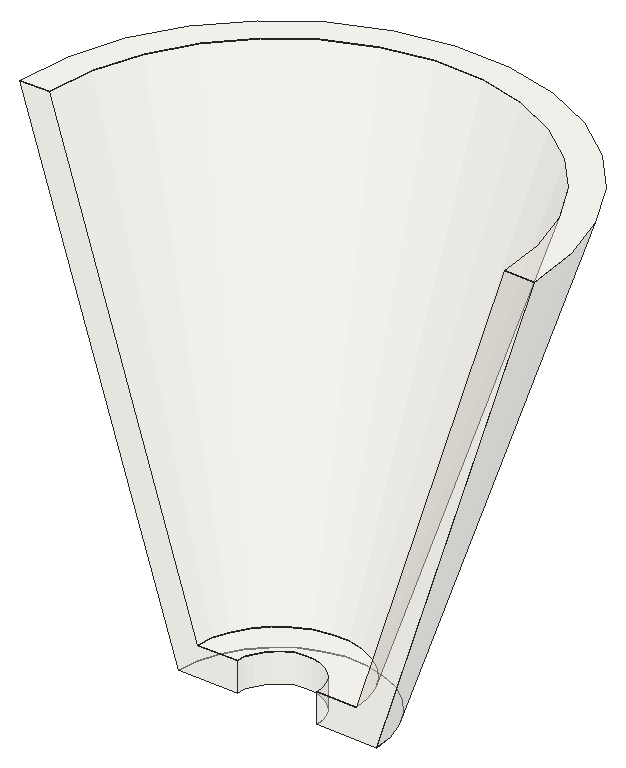
Revit family
Parameters (values of type "60 watt Incandescent")
  Wattage = 7.27067 W
  built-in parameter 1150110 = 1 (stored number, unit not read)
  built-in parameter 1114217 = 1 (stored number, unit not read)
  built-in parameter 1150109 = 1 (stored number, unit not read)
  built-in parameter 1150134 = 3
  built-in parameter 1150113 = 1 (stored number, unit not read)
  built-in parameter 1150105 = 85.944 (stored number, unit not read)
  built-in parameter 1150115 = 1 (stored number, unit not read)
  Light Source Symbol Size = 609.6 mm
  built-in parameter 1150137 = (empty or 0)
  built-in parameter 1150139 = (empty or 0)
  built-in parameter 1150112 = 1 (stored number, unit not read)
  built-in parameter 1150114 = 1 (stored number, unit not read)
  Lamp = "A-19"
  Lumens = 1080 lm
  Mounting Height = 2000 mm
  Shade = Glass - Frosted
  Wattage Comments = "60"
  Keynote = "V"
  built-in parameter 1150132 = 2
  built-in parameter 1150102 = (empty or 0)
  built-in parameter 1150107 = 3200 (stored number, unit not read)
  built-in parameter 1150138 = (empty or 0)
  built-in parameter 1150106 = 0.85944 (stored number, unit not read)
  built-in parameter 1150104 = 13.8 (stored number, unit not read)
  Dimming Lamp Color Temperature Shift = (empty or 0)
  Color Filter = 16777215
  built-in parameter 1114218 = 1 (stored number, unit not read)
  built-in parameter 1150133 = 10 (stored number, unit not read)
Types (3, lengths in mm): name | Wattage | built-in parameter 1150105 | Lamp | Lumens | Wattage Comments | built-in parameter 1150106
  (no name) | 7.27067 W | 85.944 (stored number, unit not read) | "A-19" | 1080 lm | "60" | 0.85944 (stored number, unit not read)
  100 watt Incandescent | 12.1178 W | 143.24 (stored number, unit not read) | "A-21" | 1800 lm | "100" | 1.4324 (stored number, unit not read)
  60 watt Incandescent | 7.27067 W | 85.944 (stored number, unit not read) | "A-19" | 1080 lm | "60" | 0.85944 (stored number, unit not read)
Reference planes
  plane 1: y = 0
  plane 2 "Light Source Axis": x = 0
  plane 3: z = 2203.2
  plane 4: z = 1796.8
  plane 5 "Light Source Elevation": z = 2000
  plane 6 "Light Source Axis": y = 139.7
Forms (mm)
  Revolve 1, solid, material "Glass - Frosted" <- "Shade"
    sketch origin (-1524, 76.2, 0) x (-1, 0, 0) y (0, 0, 1)
      loop
        line (-1609.025, 1796.8) -> (-1558.225, 1796.8) -> (-1558.225, 1822.2) -> (-1592.137, 1822.2) -> (-1719.806, 2203.2) -> (-1745.206, 2203.2) -> (-1609.025, 1796.8)
      axis (-1524, 2203.2) -> (-1524, 1796.8)
    angle from 180 to 360
Lines and regions (mm)
  symbolic lines
    curve 1: arc (-68.137, 76.2, 0) -> (0, 144.337, 0) -> (68.137, 76.2, 0) r 68.137
    curve 2: arc (-221.206, 76.2, 0) -> (0, 297.406, 0) -> (221.206, 76.2, 0) r 221.206
  model lines, style "InvisibleLines"
    curve 3: line (0, 76.2, 1796.8) -> (0, 76.2, 0)
Text (mm)
  text "Front" at (0, 1019.848, 3124.603), in view "Right"
  text "Front" at (-641.454, 723.012, 0), in view "Floor Line"
  text "Front" at (0, 977.893, 2611.958), in view "Left"
Dimensions and locks
  plane 4 to plane 3 = 406.4 mm
  host wall to plane 6 "Light Source Axis" = 63.5 mm
  plane 5 "Light Source Elevation" to plane 3 = 203.2 mm
  "Mounting Height": level to plane 5 "Light Source Elevation"
  locked: host wall to plane 6 "Light Source Axis" at 63.5
  aligned and locked: curve 1 to Revolve 1
  aligned and locked: curve 2 to Revolve 1
  aligned and locked: imposter light to plane 2 "Light Source Axis"
  aligned and locked: plane 6 "Light Source Axis" to imposter light
  aligned and locked: plane 5 "Light Source Elevation" to imposter light
Automatic sketch dimensions
  Revolve 1 sketch curve to plane 3 = 0 mm
  Revolve 1 sketch curve to plane 4 = 0 mm
  Revolve 1 sketch curve to plane 2 "Light Source Axis" = 0 mm
  plane 2 "Light Source Axis" to Revolve 1 sketch curve = 34.225 mm
  Revolve 1 sketch curve to Revolve 1 sketch curve = 33.911 mm
  Revolve 1 sketch curve to Revolve 1 sketch curve = 16.889 mm
  plane 2 "Light Source Axis" to Revolve 1 sketch curve = 195.806 mm
  Revolve 1 sketch curve to Revolve 1 sketch curve = 25.4 mm
  plane 4 to Revolve 1 sketch curve = 64.826 mm
  Revolve 1 sketch curve to plane 4 = 25.4 mm
  plane 3 to Revolve 1 sketch curve = 166.426 mm
  curve 2 to plane 2 "Light Source Axis" = 0 mm
  curve 1 to plane 2 "Light Source Axis" = 0 mm
  curve 1 to curve 1 = 68.137 mm
  curve 2 to curve 1 = 153.069 mm
  curve 3 to plane 2 "Light Source Axis" = 0 mm
  curve 3 to plane 4 = 0 mm
  curve 3 to level = 0 mm
